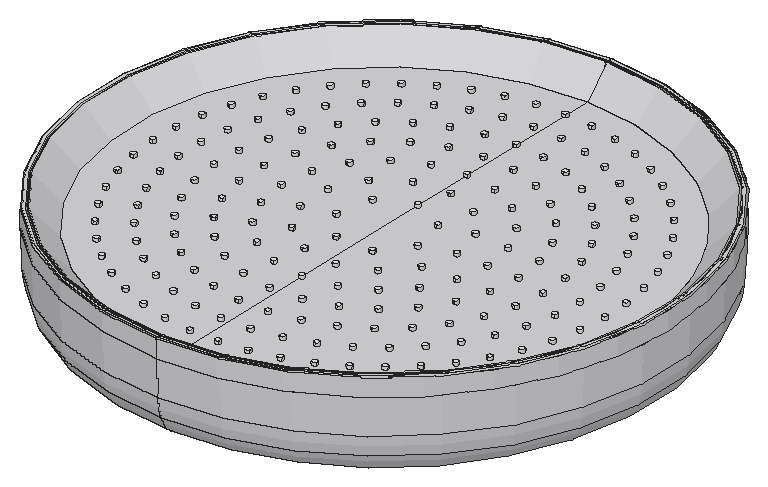
Revit family "Shower-Rainhead-KOHLER-26292W_1", category Plumbing Fixtures, host Face, Revit 2017
Family settings
  Host = Face
  Round Connector Dimension = Use Diameter
  Part Type = Normal
  OmniClass Number = 23.31.17.00
  OmniClass Title = Showers
  Cut with Voids When Loaded = No
  Shared = No
  Room Calculation Point = No
Parameters (values of type "CP-Polished Chrome")
  Width = 13 115/128"  # constant formula
  WaterSense Certified = 1 = 0  # no
  Waste Water Outlet = "Waste Water Outlet"  # constant formula
  Waste Connection = 1 = 0  # no
  Vent Connection = 1 = 0  # no
  URL = "https://www.kohler.co.uk/"
  Type = 1
  Product Page URL = ""
  Product Name = ""
  Product Documentation Link = ""
  Pressure = 0.00 psi
  Model = if(Type = 1, "26292W-CP", if(Type = 2, "26292W-BN", if(Type = 3, "26292W-BL", if(Type = 4, "26292W-2MB", "NA"))))  # "26292W-CP"
  Material = "Brass Construction"  # constant formula
  Master Format 2014 Name = "Residential Showers"  # constant formula
  Master Format 2014 = "22 42 23"  # constant formula
  Manufacturer Address = "Cromwell Road, Cheltenham, Gloucestershire. GL52 5EP Registered in England No. 252115"  # constant formula
  Manufacturer = "KOHLER Co."  # constant formula
  Length = 13 115/128"  # constant formula
  Hot Water Inlet = "Tempered Water Inlet"  # constant formula
  Height = 3 31/32"  # constant formula
  HW Connection = 1 = 1  # yes
  Flow Rate = 2.5 GPM  # constant formula
  Finish = Kohler-Metal-CP-Polished_Chrome
  Environmental Product Declaration = ""
  Drain Included = 1 = 0  # no
  Description = "1F MEDIUM ROUND RAINHEAD - 2.5 GPM"  # constant formula
  Default Elevation = 0"
  Declare Label = ""
  Date Modified = "02/02/2021"  # constant formula
  Date Created = "02/02/2021"  # constant formula
  Copyright = "Copyright KOHLER Co."  # constant formula
  Contact Us = "https://www.kohler.co.uk/support/contact/"
  Cold Water Inlet = "Cold Water Inlet"  # constant formula
  CW Connection = 1 = 0  # no
  Assembly Code = "D2010700"
  ADA Compliant = 1 = 0  # no
Types (5): name | Type | Model | Finish
  (no name) | 1 | "26292W-CP" | Kohler-Metal-CP-Polished_Chrome
  CP-Polished Chrome | 1 | "26292W-CP" | Kohler-Metal-CP-Polished_Chrome
  BN-Vibrant Brushed Nickel | 2 | "26292W-BN" | Kohler-Metal-BN-Vibrant_Brushed_Nickel
  BL-Matte Black | 3 | "26292W-BL" | Kohler-Metal-BL-Matte_Black
  2MB-Vibrant Brushed Moderne Brass | 4 | "26292W-2MB" | Kohler-Metal-2MB-Vibrant_Brushed_Moderne_Brass
Reference planes (in)
  plane 1 "Center (Front/Back)": y = 0
  plane 2: z = 0
  plane 3 "Center (Left/Right)": x = 0
  plane 4: y = 6.95
  plane 5: x = -6.95
  plane 6: x = 6.94844
  plane 7: z = 3.96875
  plane 8: z = 1.19
  plane 9: y = -6.94844
Dimensions and locks (in)
  "Height": plane 7 to level
  "Width": plane 5 to plane 6
  "Length": plane 4 to plane 9
  aligned and locked: plane 2 to host face
  aligned and locked: level to host face
Automatic sketch dimensions
  host sketch curve to host sketch curve = 96"  (x2)
Nested families (in)
  nested 1: "26292W" at (0, 0, 0), type "26292W"
Connectors (in)
  piping at (0, 0, 0), diameter 0.5, driven by "HW Connection", driven by "Hot Water Inlet", driven by "Flow Rate"
    settings: on nested 1, index 1, connector inside diameter 24", connector length 0", flow factor 0, pipe flow 2.5 GPM, pressure drop 0.00 psi, fitting loss kfactor 0, connector angle 0.00°, fixture units 0, engagement length 0", angle of deflection 0.00°, flow configuration 1, flow direction 1, fitting loss method 0, system type 19, joint type 0, gender type 0, connector reference index -1, connector utility 1, adjustable connector no, is connector primary yes, connector description "Tempered Water Inlet"
Definition of nested family "26292W"
  Parameters (values of type "26292W")
    Material = none
  Reference planes (in)
    plane 1 "Center (Front/Back)": y = 0
    plane 2: z = 0
    plane 3 "Center (Left/Right)": x = 0
    plane 4: x = -6.95
    plane 5: z = 3.97
    plane 6: z = 1.19
    plane 7: y = 6.95
    plane 8: x = 6.95
    plane 9: y = -6.95
    plane 10: z = 1.08228
  Forms (in)
    Revolve 1, solid, material <- "Material", detail levels medium+fine
      sketch origin (0, 0, 0) x (0, 1, 0) y (0, 0, 1)
        loop
          line (6.9281, 3.97) -> (6.8528, 3.97)
          arc (6.8528, 3.97) -> (6.83763, 3.96375) -> (6.83126, 3.94862) r 0.02155
          line (6.83126, 3.94862) -> (6.82967, 3.74213)
          arc (6.82967, 3.74213) -> (6.8221, 3.7815) -> (6.81956, 3.82151) r 0.31694
          line (6.81956, 3.82151) -> (6.81956, 3.95421)
          arc (6.81956, 3.95421) -> (6.81092, 3.96709) -> (6.79573, 3.96396) r 0.01391
          line (6.79573, 3.96396) -> (6.19738, 3.35453) -> (0, 3.35453) -> (0, 0) -> (0.47469, 0)
          arc (0.47469, 0) -> (0.48914, 0.00599) -> (0.49513, 0.02045) r 0.02045
          line (0.49513, 0.02045) -> (0.49513, 0.75101)
          arc (0.49513, 0.75101) -> (0.45634, 0.879) -> (0.35301, 0.96391) r 0.23052
          arc (0.35301, 0.96391) -> (0.31081, 1.0177) -> (0.33479, 1.08171) r 0.06978
          arc (0.33479, 1.08171) -> (0.44098, 1.20145) -> (0.50852, 1.34654) r 0.55414
          line (0.50852, 1.34654) -> (2.57513, 1.34654)
          arc (2.57513, 1.34654) -> (4.09102, 1.37419) -> (5.60489, 1.4571) r 41.56538
          arc (5.60489, 1.4571) -> (5.97056, 1.51447) -> (6.32179, 1.63124) r 2.24137
          arc (6.32179, 1.63124) -> (6.62545, 1.84229) -> (6.82058, 2.1564) r 0.91369
          arc (6.82058, 2.1564) -> (6.8901, 2.39883) -> (6.92366, 2.64879) r 1.73194
          arc (6.92366, 2.64879) -> (6.94341, 3.08298) -> (6.95, 3.51757) r 14.34154
          line (6.95, 3.51757) -> (6.95, 3.9481)
          arc (6.95, 3.9481) -> (6.94359, 3.96359) -> (6.9281, 3.97) r 0.0219
        axis (0, 3.97) -> (0, 0)
      angle from 0 to 360
    Extrusion 2, solid, material <- "Material", detail levels medium+fine
      sketch origin (0, 0, 0) x (1, 0, 0) y (0, 1, 0)
        loop
          circle (0, 0) r 0.5
        loop
          line (-0.35408, -0.85482) -> (0.35408, -0.85482) -> (0.85482, -0.35408) -> (0.85482, 0.35408) -> (0.35408, 0.85482) -> (-0.35408, 0.85482) -> (-0.85482, 0.35408) -> (-0.85482, -0.35408) -> (-0.35408, -0.85482)
      from 1.19 to 1.34654
    Sweep 3, solid, material <- "Material", detail levels medium+fine
      path origin (0, 0, 0) x (1, 0, 0) y (0, 1, 0)
        loop
          arc (0.8528, -0.37751) -> (0.8655, -0.3585) -> (0.86996, -0.33608) r 0.05859
          line (0.86996, -0.33608) -> (0.86996, 0.33608)
          arc (0.86996, 0.33608) -> (0.8655, 0.3585) -> (0.8528, 0.37751) r 0.05859
          line (0.8528, 0.37751) -> (0.37779, 0.85252)
          arc (0.37779, 0.85252) -> (0.35847, 0.86543) -> (0.33568, 0.86996) r 0.05955
          line (0.33568, 0.86996) -> (-0.33608, 0.86996)
          arc (-0.33608, 0.86996) -> (-0.3585, 0.8655) -> (-0.37751, 0.8528) r 0.05859
          line (-0.37751, 0.8528) -> (-0.8528, 0.37751)
          arc (-0.8528, 0.37751) -> (-0.8655, 0.3585) -> (-0.86996, 0.33608) r 0.05859
          line (-0.86996, 0.33608) -> (-0.86996, -0.33608)
          arc (-0.86996, -0.33608) -> (-0.8655, -0.3585) -> (-0.8528, -0.37751) r 0.05859
          line (-0.8528, -0.37751) -> (-0.37751, -0.8528)
          arc (-0.37751, -0.8528) -> (-0.3585, -0.8655) -> (-0.33608, -0.86996) r 0.05859
          line (-0.33608, -0.86996) -> (0.33608, -0.86996)
          arc (0.33608, -0.86996) -> (0.3585, -0.8655) -> (0.37751, -0.8528) r 0.05859
          line (0.37751, -0.8528) -> (0.8528, -0.37751)
      profile origin (0.61515, -0.61515, 0) x (0.707107, -0.707107, 0) y (0, 0, 1)
        loop
          line (-0.03076, 1.34654) -> (-0.03076, 1.19) -> (0.00031, 1.19)
          arc (0.00031, 1.19) -> (0.02793, 1.20144) -> (0.03937, 1.22906) r 0.03906
          line (0.03937, 1.22906) -> (0.03937, 1.3076)
          arc (0.03937, 1.3076) -> (0.02797, 1.33513) -> (0.00043, 1.34654) r 0.03894
          line (0.00043, 1.34654) -> (-0.03076, 1.34654)
    Extrusion 4, void
      sketch origin (0, 0, 0) x (1, 0, 0) y (0, 0, 1)
        loop
          line (-0.45475, 0.18235) -> (-0.45475, 0.92904) -> (-0.52139, 0.92904) -> (-0.52139, 0.09882) -> (-0.4667, 0.1535)
          arc (-0.4667, 0.1535) -> (-0.45786, 0.16674) -> (-0.45475, 0.18235) r 0.0408
        loop
          arc (0.45475, 0.18235) -> (0.45786, 0.16674) -> (0.4667, 0.1535) r 0.0408
          line (0.4667, 0.1535) -> (0.52139, 0.09882) -> (0.52139, 0.92904) -> (0.45475, 0.92904) -> (0.45475, 0.18235)
      from -1 to 1
    Extrusion 5, solid, detail levels medium+fine
      sketch origin (0, 0, 0) x (1, 0, 0) y (0, 1, 0)
        loop
          circle (-0.44206, -0.91889) r 0.06311
        loop
          circle (-0.99404, -0.22731) r 0.06311
        loop
          circle (-0.79749, 0.63545) r 0.06311
        loop
          circle (0, 1.0197) r 0.06311
        loop
          circle (0.44206, -0.91889) r 0.06311
        loop
          circle (0.99404, -0.22731) r 0.06311
        loop
          circle (0.79749, 0.63545) r 0.06311
        loop
          circle (1.76861, 0) r 0.06311
        loop
          circle (2.51861, 0) r 0.06311
        loop
          circle (3.26861, 0) r 0.06311
        loop
          circle (1.56602, 0.82191) r 0.06311
        loop
          circle (1.00468, 1.45553) r 0.06311
        loop
          circle (0.21318, 1.75571) r 0.06311
        loop
          circle (-0.62716, 1.65368) r 0.06311
        loop
          circle (-1.32382, 1.1728) r 0.06311
        loop
          circle (-1.71721, 0.42326) r 0.06311
        loop
          circle (1.56602, -0.82191) r 0.06311
        loop
          circle (1.00468, -1.45553) r 0.06311
        loop
          circle (0.21318, -1.75571) r 0.06311
        loop
          circle (-0.62716, -1.65368) r 0.06311
        loop
          circle (-1.32382, -1.1728) r 0.06311
        loop
          circle (-1.71721, -0.42326) r 0.06311
        loop
          circle (2.39534, 0.77829) r 0.06311
        loop
          circle (2.03759, 1.4804) r 0.06311
        loop
          circle (1.4804, 2.03759) r 0.06311
        loop
          circle (0.77829, 2.39534) r 0.06311
        loop
          circle (0, 2.51861) r 0.06311
        loop
          circle (-2.51861, 0) r 0.06311
        loop
          circle (-2.39534, 0.77829) r 0.06311
        loop
          circle (-2.03759, 1.4804) r 0.06311
        loop
          circle (-1.4804, 2.03759) r 0.06311
        loop
          circle (-0.77829, 2.39534) r 0.06311
        loop
          circle (2.39534, -0.77829) r 0.06311
        loop
          circle (2.03759, -1.4804) r 0.06311
        loop
          circle (1.4804, -2.03759) r 0.06311
        loop
          circle (0.77829, -2.39534) r 0.06311
        loop
          circle (0, -2.51861) r 0.06311
        loop
          circle (-2.39534, -0.77829) r 0.06311
        loop
          circle (-2.03759, -1.4804) r 0.06311
        loop
          circle (-1.4804, -2.03759) r 0.06311
        loop
          circle (-0.77829, -2.39534) r 0.06311
        loop
          circle (3.1805, 0.75379) r 0.06311
        loop
          circle (2.92093, 1.46695) r 0.06311
        loop
          circle (2.5039, 2.10102) r 0.06311
        loop
          circle (1.95188, 2.62182) r 0.06311
        loop
          circle (1.29463, 3.00129) r 0.06311
        loop
          circle (0.56759, 3.21895) r 0.06311
        loop
          circle (-0.19005, 3.26308) r 0.06311
        loop
          circle (-0.93745, 3.13129) r 0.06311
        loop
          circle (-1.6343, 2.8307) r 0.06311
        loop
          circle (-2.24305, 2.3775) r 0.06311
        loop
          circle (-2.73088, 1.79613) r 0.06311
        loop
          circle (-3.07148, 1.11793) r 0.06311
        loop
          circle (-3.2465, 0.37946) r 0.06311
        loop
          circle (3.1805, -0.75379) r 0.06311
        loop
          circle (2.92093, -1.46695) r 0.06311
        loop
          circle (2.5039, -2.10102) r 0.06311
        loop
          circle (1.95188, -2.62182) r 0.06311
        loop
          circle (1.29463, -3.00129) r 0.06311
        loop
          circle (0.56759, -3.21895) r 0.06311
        loop
          circle (-0.19005, -3.26308) r 0.06311
        loop
          circle (-0.93745, -3.13129) r 0.06311
        loop
          circle (-1.6343, -2.8307) r 0.06311
        loop
          circle (-2.24305, -2.3775) r 0.06311
        loop
          circle (-2.73088, -1.79613) r 0.06311
        loop
          circle (-3.07148, -1.11793) r 0.06311
        loop
          circle (-3.2465, -0.37946) r 0.06311
        loop
          circle (0, 4.01861) r 0.06311
        loop
          circle (-0.71755, 3.95403) r 0.06311
        loop
          circle (-1.41204, 3.76236) r 0.06311
        loop
          circle (-2.06114, 3.44977) r 0.06311
        loop
          circle (-2.644, 3.0263) r 0.06311
        loop
          circle (-3.14187, 2.50556) r 0.06311
        loop
          circle (-3.53877, 1.90429) r 0.06311
        loop
          circle (-3.82192, 1.24182) r 0.06311
        loop
          circle (-3.98224, 0.53943) r 0.06311
        loop
          circle (-4.01456, -0.18029) r 0.06311
        loop
          circle (-3.91785, -0.89422) r 0.06311
        loop
          circle (-3.69522, -1.57941) r 0.06311
        loop
          circle (-3.35382, -2.21384) r 0.06311
        loop
          circle (-2.90463, -2.77711) r 0.06311
        loop
          circle (-2.36208, -3.25112) r 0.06311
        loop
          circle (-1.74361, -3.62064) r 0.06311
        loop
          circle (-1.0691, -3.87379) r 0.06311
        loop
          circle (-0.36023, -4.00243) r 0.06311
        loop
          circle (0.71755, 3.95403) r 0.06311
        loop
          circle (1.41204, 3.76236) r 0.06311
        loop
          circle (2.06114, 3.44977) r 0.06311
        loop
          circle (2.644, 3.0263) r 0.06311
        loop
          circle (3.14187, 2.50556) r 0.06311
        loop
          circle (3.53877, 1.90429) r 0.06311
        loop
          circle (3.82192, 1.24182) r 0.06311
        loop
          circle (3.98224, 0.53943) r 0.06311
        loop
          circle (4.01456, -0.18029) r 0.06311
        loop
          circle (3.91785, -0.89422) r 0.06311
        loop
          circle (3.69522, -1.57941) r 0.06311
        loop
          circle (3.35382, -2.21384) r 0.06311
        loop
          circle (2.90463, -2.77711) r 0.06311
        loop
          circle (2.36208, -3.25112) r 0.06311
        loop
          circle (1.74361, -3.62064) r 0.06311
        loop
          circle (1.0691, -3.87379) r 0.06311
        loop
          circle (0.36023, -4.00243) r 0.06311
        loop
          circle (4.76861, 0) r 0.06311
        loop
          circle (4.71779, 0.69431) r 0.06311
        loop
          circle (4.56642, 1.37383) r 0.06311
        loop
          circle (4.31773, 2.02407) r 0.06311
        loop
          circle (3.97701, 2.63116) r 0.06311
        loop
          circle (3.55152, 3.18218) r 0.06311
        loop
          circle (3.05035, 3.66538) r 0.06311
        loop
          circle (2.48416, 4.07045) r 0.06311
        loop
          circle (1.86502, 4.38877) r 0.06311
        loop
          circle (1.20614, 4.61355) r 0.06311
        loop
          circle (0.52155, 4.74) r 0.06311
        loop
          circle (-0.17416, 4.76542) r 0.06311
        loop
          circle (-0.86615, 4.68928) r 0.06311
        loop
          circle (-1.53969, 4.5132) r 0.06311
        loop
          circle (-2.18041, 4.24092) r 0.06311
        loop
          circle (-2.77466, 3.87826) r 0.06311
        loop
          circle (-3.30977, 3.43294) r 0.06311
        loop
          circle (-3.77433, 2.91445) r 0.06311
        loop
          circle (-4.15846, 2.33384) r 0.06311
        loop
          circle (-4.45395, 1.70349) r 0.06311
        loop
          circle (-4.65452, 1.03684) r 0.06311
        loop
          circle (-4.75588, 0.34809) r 0.06311
        loop
          circle (4.71779, -0.69431) r 0.06311
        loop
          circle (4.56642, -1.37383) r 0.06311
        loop
          circle (4.31773, -2.02407) r 0.06311
        loop
          circle (3.97701, -2.63116) r 0.06311
        loop
          circle (3.55152, -3.18218) r 0.06311
        loop
          circle (3.05035, -3.66538) r 0.06311
        loop
          circle (2.48416, -4.07045) r 0.06311
        loop
          circle (1.86502, -4.38877) r 0.06311
        loop
          circle (1.20614, -4.61355) r 0.06311
        loop
          circle (0.52155, -4.74) r 0.06311
        loop
          circle (-0.17416, -4.76542) r 0.06311
        loop
          circle (-0.86615, -4.68928) r 0.06311
        loop
          circle (-1.53969, -4.5132) r 0.06311
        loop
          circle (-2.18041, -4.24092) r 0.06311
        loop
          circle (-2.77466, -3.87826) r 0.06311
        loop
          circle (-3.30977, -3.43294) r 0.06311
        loop
          circle (-3.77433, -2.91445) r 0.06311
        loop
          circle (-4.15846, -2.33384) r 0.06311
        loop
          circle (-4.45395, -1.70349) r 0.06311
        loop
          circle (-4.65452, -1.03684) r 0.06311
        loop
          circle (-4.75588, -0.34809) r 0.06311
        loop
          circle (0, 5.51861) r 0.06311
        loop
          circle (1.34606, 5.35193) r 0.06311
        loop
          circle (0.67817, 5.47678) r 0.06311
        loop
          circle (2.61082, 4.86196) r 0.06311
        loop
          circle (1.99355, 5.14595) r 0.06311
        loop
          circle (3.71786, 4.0783) r 0.06311
        loop
          circle (3.18851, 4.50427) r 0.06311
        loop
          circle (4.60032, 3.04828) r 0.06311
        loop
          circle (4.19086, 3.59051) r 0.06311
        loop
          circle (5.2049, 1.83414) r 0.06311
        loop
          circle (4.94005, 2.45985) r 0.06311
        loop
          circle (5.49506, 0.50919) r 0.06311
        loop
          circle (5.39084, 1.18061) r 0.06311
        loop
          circle (5.4533, -0.84651) r 0.06311
        loop
          circle (5.51599, -0.16995) r 0.06311
        loop
          circle (5.08211, -2.15107) r 0.06311
        loop
          circle (5.30794, -1.51024) r 0.06311
        loop
          circle (4.40394, -3.3257) r 0.06311
        loop
          circle (4.77925, -2.7593) r 0.06311
        loop
          circle (3.45975, -4.29944) r 0.06311
        loop
          circle (3.96187, -3.84169) r 0.06311
        loop
          circle (2.30656, -5.01346) r 0.06311
        loop
          circle (2.90517, -4.69201) r 0.06311
        loop
          circle (1.01404, -5.42464) r 0.06311
        loop
          circle (1.67298, -5.25891) r 0.06311
        loop
          circle (0.33973, -5.50814) r 0.06311
        loop
          circle (-1.34606, 5.35193) r 0.06311
        loop
          circle (-0.67817, 5.47678) r 0.06311
        loop
          circle (-2.61082, 4.86196) r 0.06311
        loop
          circle (-1.99355, 5.14595) r 0.06311
        loop
          circle (-3.71786, 4.0783) r 0.06311
        loop
          circle (-3.18851, 4.50427) r 0.06311
        loop
          circle (-4.60032, 3.04828) r 0.06311
        loop
          circle (-4.19086, 3.59051) r 0.06311
        loop
          circle (-5.2049, 1.83414) r 0.06311
        loop
          circle (-4.94005, 2.45985) r 0.06311
        loop
          circle (-5.49506, 0.50919) r 0.06311
        loop
          circle (-5.39084, 1.18061) r 0.06311
        loop
          circle (-5.4533, -0.84651) r 0.06311
        loop
          circle (-5.51599, -0.16995) r 0.06311
        loop
          circle (-5.08211, -2.15107) r 0.06311
        loop
          circle (-5.30794, -1.51024) r 0.06311
        loop
          circle (-4.40394, -3.3257) r 0.06311
        loop
          circle (-4.77925, -2.7593) r 0.06311
        loop
          circle (-3.45975, -4.29944) r 0.06311
        loop
          circle (-3.96187, -3.84169) r 0.06311
        loop
          circle (-2.30656, -5.01346) r 0.06311
        loop
          circle (-2.90517, -4.69201) r 0.06311
        loop
          circle (-1.01404, -5.42464) r 0.06311
        loop
          circle (-1.67298, -5.25891) r 0.06311
        loop
          circle (-0.33973, -5.50814) r 0.06311
      from 3.14063 to 3.41016
    Revolve 6, solid, material <- "Material", detail levels coarse
      sketch origin (0, 0, 0) x (0, 1, 0) y (0, 0, 1)
        loop
          line (0, 3.35453) -> (0, 0) -> (0.49513, 0) -> (0.49513, 1.19) -> (0.90933, 1.19) -> (0.90933, 1.34654) -> (6.17793, 1.34654) -> (6.95, 2.11861) -> (6.95, 3.97) -> (6.80166, 3.97) -> (6.19738, 3.35453) -> (0, 3.35453)
        axis (0, 3.97) -> (0, 0)
      angle from 0 to 360
  Cuts and joins
    Extrusion 4 cuts Revolve 1
    joined: Extrusion 2, Sweep 3
  Lines and regions (in)
    Masking region 1
      outline origin (0, 0, 0) x (0, 1, 0) y (0, 0, 1)
        loop
          line (6.9281, 3.97) -> (-6.9281, 3.97)
          arc (-6.9281, 3.97) -> (-6.94359, 3.96359) -> (-6.95, 3.9481) r 0.0219
          line (-6.95, 3.9481) -> (-6.95, 3.51757)
          arc (-6.95, 3.51757) -> (-6.94341, 3.08298) -> (-6.92366, 2.64879) r 14.34154
          arc (-6.92366, 2.64879) -> (-6.8901, 2.39883) -> (-6.82058, 2.1564) r 1.73194
          arc (-6.82058, 2.1564) -> (-6.62545, 1.84229) -> (-6.32179, 1.63124) r 0.91369
          arc (-6.32179, 1.63124) -> (-5.97056, 1.51447) -> (-5.60489, 1.4571) r 2.24137
          arc (-5.60489, 1.4571) -> (-4.09102, 1.37419) -> (-2.57513, 1.34654) r 41.56538
          line (-2.57513, 1.34654) -> (-0.86977, 1.34654)
          arc (-0.86977, 1.34654) -> (-0.89774, 1.33495) -> (-0.90933, 1.30697) r 0.03956
          line (-0.90933, 1.30697) -> (-0.90933, 1.22728)
          arc (-0.90933, 1.22728) -> (-0.89841, 1.20092) -> (-0.87205, 1.19) r 0.03728
          line (-0.87205, 1.19) -> (-0.43326, 1.19)
          arc (-0.43326, 1.19) -> (-0.38762, 1.13259) -> (-0.33479, 1.08171) r 0.55414
          arc (-0.33479, 1.08171) -> (-0.31081, 1.0177) -> (-0.35301, 0.96391) r 0.06978
          arc (-0.35301, 0.96391) -> (-0.45634, 0.879) -> (-0.49513, 0.75101) r 0.23052
          line (-0.49513, 0.75101) -> (-0.49513, 0.02045)
          arc (-0.49513, 0.02045) -> (-0.48914, 0.00599) -> (-0.47469, 0) r 0.02045
          line (-0.47469, 0) -> (0.47469, 0)
          arc (0.47469, 0) -> (0.48914, 0.00599) -> (0.49513, 0.02045) r 0.02045
          line (0.49513, 0.02045) -> (0.49513, 0.75101)
          arc (0.49513, 0.75101) -> (0.45634, 0.879) -> (0.35301, 0.96391) r 0.23052
          arc (0.35301, 0.96391) -> (0.31081, 1.0177) -> (0.33479, 1.08171) r 0.06978
          arc (0.33479, 1.08171) -> (0.38762, 1.13259) -> (0.43326, 1.19) r 0.55414
          line (0.43326, 1.19) -> (0.87205, 1.19)
          arc (0.87205, 1.19) -> (0.89841, 1.20092) -> (0.90933, 1.22728) r 0.03728
          line (0.90933, 1.22728) -> (0.90933, 1.30697)
          arc (0.90933, 1.30697) -> (0.89774, 1.33495) -> (0.86977, 1.34654) r 0.03956
          line (0.86977, 1.34654) -> (2.57513, 1.34654)
          arc (2.57513, 1.34654) -> (4.09102, 1.37419) -> (5.60489, 1.4571) r 41.56538
          arc (5.60489, 1.4571) -> (5.97056, 1.51447) -> (6.32179, 1.63124) r 2.24137
          arc (6.32179, 1.63124) -> (6.62545, 1.84229) -> (6.82058, 2.1564) r 0.91369
          arc (6.82058, 2.1564) -> (6.8901, 2.39883) -> (6.92366, 2.64879) r 1.73194
          arc (6.92366, 2.64879) -> (6.94341, 3.08298) -> (6.95, 3.51757) r 14.34154
          line (6.95, 3.51757) -> (6.95, 3.9481)
          arc (6.95, 3.9481) -> (6.94359, 3.96359) -> (6.9281, 3.97) r 0.0219
    Masking region 2
      outline origin (0, 0, 0) x (1, 0, 0) y (0, 0, 1)
        loop
          arc (-6.9281, 3.97) -> (-6.94359, 3.96359) -> (-6.95, 3.9481) r 0.0219
          line (-6.95, 3.9481) -> (-6.95, 3.51757)
          arc (-6.95, 3.51757) -> (-6.94341, 3.08298) -> (-6.92366, 2.64879) r 14.34154
          arc (-6.92366, 2.64879) -> (-6.8901, 2.39883) -> (-6.82058, 2.1564) r 1.73194
          arc (-6.82058, 2.1564) -> (-6.62545, 1.84229) -> (-6.32179, 1.63124) r 0.91369
          arc (-6.32179, 1.63124) -> (-5.97056, 1.51447) -> (-5.60489, 1.4571) r 2.24137
          arc (-5.60489, 1.4571) -> (-4.09102, 1.37419) -> (-2.57513, 1.34654) r 41.56538
          line (-2.57513, 1.34654) -> (-0.86977, 1.34654)
          arc (-0.86977, 1.34654) -> (-0.89774, 1.33495) -> (-0.90933, 1.30697) r 0.03956
          line (-0.90933, 1.30697) -> (-0.90933, 1.22728)
          arc (-0.90933, 1.22728) -> (-0.89841, 1.20092) -> (-0.87205, 1.19) r 0.03728
          line (-0.87205, 1.19) -> (-0.43326, 1.19)
          arc (-0.43326, 1.19) -> (-0.38762, 1.13259) -> (-0.33479, 1.08171) r 0.55414
          arc (-0.33479, 1.08171) -> (-0.31081, 1.0177) -> (-0.35301, 0.96391) r 0.06978
          arc (-0.35301, 0.96391) -> (-0.40987, 0.93001) -> (-0.45475, 0.88135) r 0.23052
          line (-0.45475, 0.88135) -> (-0.45475, 0.18235)
          arc (-0.45475, 0.18235) -> (-0.45786, 0.16674) -> (-0.4667, 0.1535) r 0.0408
          line (-0.4667, 0.1535) -> (-0.49513, 0.12507) -> (-0.49513, 0.02045)
          arc (-0.49513, 0.02045) -> (-0.48914, 0.00599) -> (-0.47469, 0) r 0.02045
          line (-0.47469, 0) -> (0.47469, 0)
          arc (0.47469, 0) -> (0.48914, 0.00599) -> (0.49513, 0.02045) r 0.02045
          line (0.49513, 0.02045) -> (0.49513, 0.12507) -> (0.4667, 0.1535)
          arc (0.4667, 0.1535) -> (0.45786, 0.16674) -> (0.45475, 0.18235) r 0.0408
          line (0.45475, 0.18235) -> (0.45475, 0.88135)
          arc (0.45475, 0.88135) -> (0.40987, 0.93001) -> (0.35301, 0.96391) r 0.23052
          arc (0.35301, 0.96391) -> (0.31081, 1.0177) -> (0.33479, 1.08171) r 0.06978
          arc (0.33479, 1.08171) -> (0.38762, 1.13259) -> (0.43326, 1.19) r 0.55414
          line (0.43326, 1.19) -> (0.87205, 1.19)
          arc (0.87205, 1.19) -> (0.89841, 1.20092) -> (0.90933, 1.22728) r 0.03728
          line (0.90933, 1.22728) -> (0.90933, 1.30697)
          arc (0.90933, 1.30697) -> (0.89774, 1.33495) -> (0.86977, 1.34654) r 0.03956
          line (0.86977, 1.34654) -> (2.57513, 1.34654)
          arc (2.57513, 1.34654) -> (4.09102, 1.37419) -> (5.60489, 1.4571) r 41.56538
          arc (5.60489, 1.4571) -> (5.97056, 1.51447) -> (6.32179, 1.63124) r 2.24137
          arc (6.32179, 1.63124) -> (6.62545, 1.84229) -> (6.82058, 2.1564) r 0.91369
          arc (6.82058, 2.1564) -> (6.8901, 2.39883) -> (6.92366, 2.64879) r 1.73194
          arc (6.92366, 2.64879) -> (6.94341, 3.08298) -> (6.95, 3.51757) r 14.34154
          line (6.95, 3.51757) -> (6.95, 3.9481)
          arc (6.95, 3.9481) -> (6.94359, 3.96359) -> (6.9281, 3.97) r 0.0219
          line (6.9281, 3.97) -> (-6.9281, 3.97)
    Masking region 3
      outline origin (0, 0, 0) x (1, 0, 0) y (0, 1, 0)
        loop
          circle (0, 0) r 7
    symbolic lines, detail levels medium+fine
      curve 1: line (-0.86977, 0, 1.34654) -> (0.86977, 0, 1.34654)
      curve 2: line (-0.43326, 0, 1.19) -> (0.43326, 0, 1.19)
      curve 3: line (-0.49513, 0, 0.02045) -> (0.49513, 0, 0.02045)
      curve 4: line (-0.45475, 0, 0.75101) -> (0.45475, 0, 0.75101)
      curve 5: line (0.35413, 0, 0.96346) -> (-0.35413, 0, 0.96346)
      curve 6: line (0.33546, 0, 1.08228) -> (-0.33546, 0, 1.08228)
      curve 7: line (-0.8805, 0, 1.22843) -> (-0.8805, 0, 1.30717)
      curve 8: line (-0.40548, 0, 1.22843) -> (-0.40548, 0, 1.30717)
      curve 9: line (-0.33589, 0, 1.34654) -> (-0.33589, 0, 1.19)
      curve 10: arc (-0.8805, 0, 1.30717) -> (-0.87952, 0, 1.31769) -> (-0.87661, 0, 1.32786) r 0.05701
      curve 11: arc (-0.87661, 0, 1.32786) -> (-0.86721, 0, 1.34049) -> (-0.85266, 0, 1.34654) r 0.02968
      curve 12: arc (-0.8805, 0, 1.22843) -> (-0.87952, 0, 1.2179) -> (-0.87661, 0, 1.20773) r 0.05701
      curve 13: arc (-0.87661, 0, 1.20773) -> (-0.86899, 0, 1.1966) -> (-0.85723, 0, 1.19) r 0.02968
      curve 14: arc (-0.40548, 0, 1.30717) -> (-0.4045, 0, 1.31769) -> (-0.4016, 0, 1.32786) r 0.05701
      curve 15: arc (-0.4016, 0, 1.32786) -> (-0.39219, 0, 1.34049) -> (-0.37765, 0, 1.34654) r 0.02968
      curve 16: arc (-0.40548, 0, 1.22843) -> (-0.4045, 0, 1.2179) -> (-0.4016, 0, 1.20773) r 0.05701
      curve 17: arc (-0.4016, 0, 1.20773) -> (-0.39397, 0, 1.1966) -> (-0.38222, 0, 1.19) r 0.02968
      curve 18: line (0.8805, 0, 1.22709) -> (0.8805, 0, 1.30717)
      curve 19: line (0.40548, 0, 1.22843) -> (0.40548, 0, 1.30717)
      curve 20: line (0.33589, 0, 1.34654) -> (0.33589, 0, 1.19)
      curve 21: arc (0.87661, 0, 1.32786) -> (0.86721, 0, 1.34049) -> (0.85266, 0, 1.34654) r 0.02968
      curve 22: arc (0.4016, 0, 1.32786) -> (0.39219, 0, 1.34049) -> (0.37765, 0, 1.34654) r 0.02968
      curve 23: arc (0.4016, 0, 1.20773) -> (0.39397, 0, 1.1966) -> (0.38222, 0, 1.19) r 0.02968
      curve 24: arc (0.40548, 0, 1.30717) -> (0.4045, 0, 1.31769) -> (0.4016, 0, 1.32786) r 0.05701
      curve 25: arc (0.4016, 0, 1.20773) -> (0.4045, 0, 1.2179) -> (0.40548, 0, 1.22843) r 0.05701
      curve 26: arc (0.8805, 0, 1.30717) -> (0.87952, 0, 1.31769) -> (0.87661, 0, 1.32786) r 0.05701
      curve 27: arc (0.87661, 0, 1.2064) -> (0.87039, 0, 1.19664) -> (0.8609, 0, 1.19) r 0.02968
      curve 28: arc (0.8805, 0, 1.22709) -> (0.87952, 0, 1.21656) -> (0.87661, 0, 1.2064) r 0.05701
      curve 29: line (-0.90933, 0, 1.30697) -> (0.90933, 0, 1.30697)
      curve 30: line (-0.90933, 0, 1.22728) -> (0.90933, 0, 1.22728)
      curve 31: line (0, 0.86977, 1.34654) -> (0, -0.86977, 1.34654)
      curve 32: line (0, -0.90933, 1.30697) -> (0, 0.90933, 1.30697)
      curve 33: line (0, 0.90933, 1.22728) -> (0, -0.90933, 1.22728)
      curve 34: line (0, 0.43326, 1.19) -> (0, -0.43326, 1.19)
      curve 35: line (0, 0.35301, 0.96391) -> (0, -0.35301, 0.96391)
      curve 36: line (0, 0.49513, 0.75101) -> (0, 0.19585, 0.75101)
      curve 37: line (0, 0.49513, 0.02045) -> (0, -0.49513, 0.02045)
      curve 38: line (0, 0.8805, 1.22843) -> (0, 0.8805, 1.30717)
      curve 39: line (0, 0.40548, 1.22843) -> (0, 0.40548, 1.30717)
      curve 40: line (0, 0.33589, 1.19) -> (0, 0.33589, 1.34654)
      curve 41: arc (0, 0.8805, 1.30717) -> (0, 0.8787, 1.32099) -> (0, 0.87341, 1.3339) r 0.05392
      curve 42: arc (0, 0.87341, 1.3339) -> (0, 0.86501, 1.34269) -> (0, 0.85348, 1.34654) r 0.02521
      curve 43: arc (0, 0.87557, 1.2067) -> (0, 0.87925, 1.21728) -> (0, 0.8805, 1.22843) r 0.05029
      curve 44: arc (0, 0.86053, 1.19) -> (0, 0.86925, 1.19726) -> (0, 0.87557, 1.2067) r 0.03978
      curve 45: arc (0, 0.40548, 1.30717) -> (0, 0.40394, 1.3199) -> (0, 0.39938, 1.33189) r 0.05317
      curve 46: arc (0, 0.39938, 1.33189) -> (0, 0.39036, 1.34196) -> (0, 0.37765, 1.34654) r 0.02762
      curve 47: arc (0, 0.39977, 1.20441) -> (0, 0.40404, 1.21608) -> (0, 0.40548, 1.22843) r 0.0533
      curve 48: arc (0, 0.38398, 1.19) -> (0, 0.3932, 1.19575) -> (0, 0.39977, 1.20441) r 0.03005
      curve 49: line (0, -0.33589, 1.19) -> (0, -0.33589, 1.34654)
      curve 50: line (0, -0.40548, 1.22843) -> (0, -0.40548, 1.30717)
      curve 51: line (0, -0.8805, 1.22843) -> (0, -0.8805, 1.30717)
      curve 52: arc (0, -0.40548, 1.30717) -> (0, -0.40379, 1.32059) -> (0, -0.39881, 1.33318) r 0.05404
      curve 53: arc (0, -0.39881, 1.33318) -> (0, -0.3903, 1.34239) -> (0, -0.37847, 1.34654) r 0.02598
      curve 54: arc (0, -0.39848, 1.20306) -> (0, -0.4037, 1.21527) -> (0, -0.40548, 1.22843) r 0.04945
      curve 55: arc (0, -0.38197, 1.19) -> (0, -0.39143, 1.19501) -> (0, -0.39848, 1.20306) r 0.02964
      curve 56: arc (0, -0.8805, 1.30717) -> (0, -0.87904, 1.31976) -> (0, -0.87472, 1.33168) r 0.05483
      curve 57: arc (0, -0.87472, 1.33168) -> (0, -0.86564, 1.34201) -> (0, -0.85266, 1.34654) r 0.02702
      curve 58: arc (0, -0.87421, 1.20402) -> (0, -0.8789, 1.21582) -> (0, -0.8805, 1.22843) r 0.05045
      curve 59: arc (0, -0.85926, 1.19) -> (0, -0.86784, 1.19583) -> (0, -0.87421, 1.20402) r 0.03332
      curve 60: line (0, 0.19585, 0.18177) -> (0, 0.19585, 0.75101)
      curve 61: line (0, -0.19585, 0.75101) -> (0, -0.19585, 0.1818)
      curve 62: spline (0, 0.16686, 0.15407) -> (0, 0.17022, 0.15487) -> (0, 0.1735, 0.156) -> (0, 0.17665, 0.15745) -> (0, 0.17966, 0.15919) -> (0, 0.18251, 0.16123) -> (0, 0.18515, 0.16353) -> (0, 0.18758, 0.16608) -> (0, 0.18978, 0.16886) -> (0, 0.19172, 0.17185) -> (0, 0.19338, 0.17501) -> (0, 0.19477, 0.17833) -> (0, 0.19585, 0.18177)
      curve 63: spline (0, -0.16688, 0.15407) -> (0, -0.14073, 0.14536) -> (0, -0.11369, 0.13816) -> (0, -0.08591, 0.1325) -> (0, -0.05758, 0.12844) -> (0, -0.02889, 0.12599) -> (0, -0.00001, 0.12517) -> (0, 0.02887, 0.12599) -> (0, 0.05756, 0.12844) -> (0, 0.08589, 0.1325) -> (0, 0.11367, 0.13815) -> (0, 0.14071, 0.14536) -> (0, 0.16686, 0.15407)
      curve 64: spline (0, -0.19585, 0.1818) -> (0, -0.19473, 0.17835) -> (0, -0.19332, 0.17503) -> (0, -0.19163, 0.17186) -> (0, -0.18968, 0.16887) -> (0, -0.18747, 0.16609) -> (0, -0.18504, 0.16354) -> (0, -0.1824, 0.16123) -> (0, -0.17957, 0.1592) -> (0, -0.17657, 0.15745) -> (0, -0.17344, 0.15601) -> (0, -0.1702, 0.15488) -> (0, -0.16688, 0.15407)
      curve 65: line (0, 0.19585, 0.75101) -> (0, -0.19585, 0.75101)
      curve 66: line (0, -0.19585, 0.75101) -> (0, -0.49513, 0.75101)
      curve 67: circle (0, 0, 0) r 6.19738 normal (0, 0, 1)
      curve 68: circle (0, 0, 0) r 6.81843 normal (0, 0, 1)
      curve 69: circle (0.67817, 5.47678, 0) r 0.06311 normal (0, 0, 1)
      curve 70: circle (-0.33973, -5.50814, 0) r 0.06311 normal (0, 0, 1)
      curve 71: circle (1.34606, 5.35193, 0) r 0.06311 normal (0, 0, 1)
      curve 72: circle (1.99355, 5.14595, 0) r 0.06311 normal (0, 0, 1)
      curve 73: circle (2.61082, 4.86196, 0) r 0.06311 normal (0, 0, 1)
      curve 74: circle (3.18851, 4.50427, 0) r 0.06311 normal (0, 0, 1)
      curve 75: circle (3.71786, 4.0783, 0) r 0.06311 normal (0, 0, 1)
      curve 76: circle (4.19086, 3.59051, 0) r 0.06311 normal (0, 0, 1)
      curve 77: circle (4.60032, 3.04828, 0) r 0.06311 normal (0, 0, 1)
      curve 78: circle (4.94005, 2.45985, 0) r 0.06311 normal (0, 0, 1)
      curve 79: circle (5.2049, 1.83414, 0) r 0.06311 normal (0, 0, 1)
      curve 80: circle (5.39084, 1.18061, 0) r 0.06311 normal (0, 0, 1)
      curve 81: circle (5.49506, 0.50919, 0) r 0.06311 normal (0, 0, 1)
      curve 82: circle (5.51599, -0.16995, 0) r 0.06311 normal (0, 0, 1)
      curve 83: circle (5.4533, -0.84651, 0) r 0.06311 normal (0, 0, 1)
      curve 84: circle (5.30794, -1.51024, 0) r 0.06311 normal (0, 0, 1)
      curve 85: circle (5.08211, -2.15107, 0) r 0.06311 normal (0, 0, 1)
      curve 86: circle (4.77925, -2.7593, 0) r 0.06311 normal (0, 0, 1)
      curve 87: circle (4.40394, -3.3257, 0) r 0.06311 normal (0, 0, 1)
      curve 88: circle (3.96187, -3.84169, 0) r 0.06311 normal (0, 0, 1)
      curve 89: circle (3.45975, -4.29944, 0) r 0.06311 normal (0, 0, 1)
      curve 90: circle (2.90517, -4.69201, 0) r 0.06311 normal (0, 0, 1)
      curve 91: circle (2.30656, -5.01346, 0) r 0.06311 normal (0, 0, 1)
      curve 92: circle (1.67298, -5.25891, 0) r 0.06311 normal (0, 0, 1)
      curve 93: circle (1.01404, -5.42464, 0) r 0.06311 normal (0, 0, 1)
      curve 94: circle (0.33973, -5.50814, 0) r 0.06311 normal (0, 0, 1)
      curve 95: circle (-0.67817, 5.47678, 0) r 0.06311 normal (0, 0, -1)
      curve 96: circle (-1.34606, 5.35193, 0) r 0.06311 normal (0, 0, -1)
      curve 97: circle (-1.99355, 5.14595, 0) r 0.06311 normal (0, 0, -1)
      curve 98: circle (-2.61082, 4.86196, 0) r 0.06311 normal (0, 0, -1)
      curve 99: circle (-3.18851, 4.50427, 0) r 0.06311 normal (0, 0, -1)
      curve 100: circle (-3.71786, 4.0783, 0) r 0.06311 normal (0, 0, -1)
      curve 101: circle (-4.19086, 3.59051, 0) r 0.06311 normal (0, 0, -1)
      curve 102: circle (-4.60032, 3.04828, 0) r 0.06311 normal (0, 0, -1)
      curve 103: circle (-4.94005, 2.45985, 0) r 0.06311 normal (0, 0, -1)
      curve 104: circle (-5.2049, 1.83414, 0) r 0.06311 normal (0, 0, -1)
      curve 105: circle (-5.39084, 1.18061, 0) r 0.06311 normal (0, 0, -1)
      curve 106: circle (-5.49506, 0.50919, 0) r 0.06311 normal (0, 0, -1)
      curve 107: circle (-5.51599, -0.16995, 0) r 0.06311 normal (0, 0, -1)
      curve 108: circle (-5.4533, -0.84651, 0) r 0.06311 normal (0, 0, -1)
      curve 109: circle (-5.30794, -1.51024, 0) r 0.06311 normal (0, 0, -1)
      curve 110: circle (-5.08211, -2.15107, 0) r 0.06311 normal (0, 0, -1)
      curve 111: circle (-4.77925, -2.7593, 0) r 0.06311 normal (0, 0, -1)
      curve 112: circle (-4.40394, -3.3257, 0) r 0.06311 normal (0, 0, -1)
      curve 113: circle (-3.96187, -3.84169, 0) r 0.06311 normal (0, 0, -1)
      curve 114: circle (-3.45975, -4.29944, 0) r 0.06311 normal (0, 0, -1)
      curve 115: circle (-2.90517, -4.69201, 0) r 0.06311 normal (0, 0, -1)
      curve 116: circle (-2.30656, -5.01346, 0) r 0.06311 normal (0, 0, -1)
      curve 117: circle (-1.67298, -5.25891, 0) r 0.06311 normal (0, 0, -1)
      curve 118: circle (-1.01404, -5.42464, 0) r 0.06311 normal (0, 0, -1)
      curve 119: circle (0, 5.51861, 0) r 0.06311 normal (0, 0, 1)
      curve 120: circle (4.76861, 0, 0) r 0.06311 normal (0, 0, 1)
      curve 121: circle (-4.75588, 0.34809, 0) r 0.06311 normal (0, 0, 1)
      curve 122: circle (4.71779, 0.69431, 0) r 0.06311 normal (0, 0, 1)
      curve 123: circle (4.56642, 1.37383, 0) r 0.06311 normal (0, 0, 1)
      curve 124: circle (4.31773, 2.02407, 0) r 0.06311 normal (0, 0, 1)
      curve 125: circle (3.97701, 2.63116, 0) r 0.06311 normal (0, 0, 1)
      curve 126: circle (3.55152, 3.18218, 0) r 0.06311 normal (0, 0, 1)
      curve 127: circle (3.05035, 3.66538, 0) r 0.06311 normal (0, 0, 1)
      curve 128: circle (2.48416, 4.07045, 0) r 0.06311 normal (0, 0, 1)
      curve 129: circle (1.86502, 4.38877, 0) r 0.06311 normal (0, 0, 1)
      curve 130: circle (1.20614, 4.61355, 0) r 0.06311 normal (0, 0, 1)
      curve 131: circle (0.52155, 4.74, 0) r 0.06311 normal (0, 0, 1)
      curve 132: circle (-0.17416, 4.76542, 0) r 0.06311 normal (0, 0, 1)
      curve 133: circle (-0.86615, 4.68928, 0) r 0.06311 normal (0, 0, 1)
      curve 134: circle (-1.53969, 4.5132, 0) r 0.06311 normal (0, 0, 1)
      curve 135: circle (-2.18041, 4.24092, 0) r 0.06311 normal (0, 0, 1)
      curve 136: circle (-2.77466, 3.87826, 0) r 0.06311 normal (0, 0, 1)
      curve 137: circle (-3.30977, 3.43294, 0) r 0.06311 normal (0, 0, 1)
      curve 138: circle (-3.77433, 2.91445, 0) r 0.06311 normal (0, 0, 1)
      curve 139: circle (-4.15846, 2.33384, 0) r 0.06311 normal (0, 0, 1)
      curve 140: circle (-4.45395, 1.70349, 0) r 0.06311 normal (0, 0, 1)
      curve 141: circle (-4.65452, 1.03684, 0) r 0.06311 normal (0, 0, 1)
      curve 142: circle (-4.75588, -0.34809, 0) r 0.06311 normal (0, 0, -1)
      curve 143: circle (4.71779, -0.69431, 0) r 0.06311 normal (0, 0, -1)
      curve 144: circle (4.56642, -1.37383, 0) r 0.06311 normal (0, 0, -1)
      curve 145: circle (4.31773, -2.02407, 0) r 0.06311 normal (0, 0, -1)
      curve 146: circle (3.97701, -2.63116, 0) r 0.06311 normal (0, 0, -1)
      curve 147: circle (3.55152, -3.18218, 0) r 0.06311 normal (0, 0, -1)
      curve 148: circle (3.05035, -3.66538, 0) r 0.06311 normal (0, 0, -1)
      curve 149: circle (2.48416, -4.07045, 0) r 0.06311 normal (0, 0, -1)
      curve 150: circle (1.86502, -4.38877, 0) r 0.06311 normal (0, 0, -1)
      curve 151: circle (1.20614, -4.61355, 0) r 0.06311 normal (0, 0, -1)
      curve 152: circle (0.52155, -4.74, 0) r 0.06311 normal (0, 0, -1)
      curve 153: circle (-0.17416, -4.76542, 0) r 0.06311 normal (0, 0, -1)
      curve 154: circle (-0.86615, -4.68928, 0) r 0.06311 normal (0, 0, -1)
      curve 155: circle (-1.53969, -4.5132, 0) r 0.06311 normal (0, 0, -1)
      curve 156: circle (-2.18041, -4.24092, 0) r 0.06311 normal (0, 0, -1)
      curve 157: circle (-2.77466, -3.87826, 0) r 0.06311 normal (0, 0, -1)
      curve 158: circle (-3.30977, -3.43294, 0) r 0.06311 normal (0, 0, -1)
      curve 159: circle (-3.77433, -2.91445, 0) r 0.06311 normal (0, 0, -1)
      curve 160: circle (-4.15846, -2.33384, 0) r 0.06311 normal (0, 0, -1)
      curve 161: circle (-4.45395, -1.70349, 0) r 0.06311 normal (0, 0, -1)
      curve 162: circle (-4.65452, -1.03684, 0) r 0.06311 normal (0, 0, -1)
      curve 163: circle (0, 4.01861, 0) r 0.06311 normal (0, 0, 1)
      curve 164: circle (-0.36023, -4.00243, 0) r 0.06311 normal (0, 0, 1)
      curve 165: circle (-0.71755, 3.95403, 0) r 0.06311 normal (0, 0, 1)
      curve 166: circle (-1.41204, 3.76236, 0) r 0.06311 normal (0, 0, 1)
      curve 167: circle (-2.06114, 3.44977, 0) r 0.06311 normal (0, 0, 1)
      curve 168: circle (-2.644, 3.0263, 0) r 0.06311 normal (0, 0, 1)
      curve 169: circle (-3.14187, 2.50556, 0) r 0.06311 normal (0, 0, 1)
      curve 170: circle (-3.53877, 1.90429, 0) r 0.06311 normal (0, 0, 1)
      curve 171: circle (-3.82192, 1.24182, 0) r 0.06311 normal (0, 0, 1)
      curve 172: circle (-3.98224, 0.53943, 0) r 0.06311 normal (0, 0, 1)
      curve 173: circle (-4.01456, -0.18029, 0) r 0.06311 normal (0, 0, 1)
      curve 174: circle (-3.91785, -0.89422, 0) r 0.06311 normal (0, 0, 1)
      curve 175: circle (-3.69522, -1.57941, 0) r 0.06311 normal (0, 0, 1)
      curve 176: circle (-3.35382, -2.21384, 0) r 0.06311 normal (0, 0, 1)
      curve 177: circle (-2.90463, -2.77711, 0) r 0.06311 normal (0, 0, 1)
      curve 178: circle (-2.36208, -3.25112, 0) r 0.06311 normal (0, 0, 1)
      curve 179: circle (-1.74361, -3.62064, 0) r 0.06311 normal (0, 0, 1)
      curve 180: circle (-1.0691, -3.87379, 0) r 0.06311 normal (0, 0, 1)
      curve 181: circle (0.36023, -4.00243, 0) r 0.06311 normal (0, 0, -1)
      curve 182: circle (0.71755, 3.95403, 0) r 0.06311 normal (0, 0, -1)
      curve 183: circle (1.41204, 3.76236, 0) r 0.06311 normal (0, 0, -1)
      curve 184: circle (2.06114, 3.44977, 0) r 0.06311 normal (0, 0, -1)
      curve 185: circle (2.644, 3.0263, 0) r 0.06311 normal (0, 0, -1)
      curve 186: circle (3.14187, 2.50556, 0) r 0.06311 normal (0, 0, -1)
      curve 187: circle (3.53877, 1.90429, 0) r 0.06311 normal (0, 0, -1)
      curve 188: circle (3.82192, 1.24182, 0) r 0.06311 normal (0, 0, -1)
      curve 189: circle (3.98224, 0.53943, 0) r 0.06311 normal (0, 0, -1)
      curve 190: circle (4.01456, -0.18029, 0) r 0.06311 normal (0, 0, -1)
      curve 191: circle (3.91785, -0.89422, 0) r 0.06311 normal (0, 0, -1)
      curve 192: circle (3.69522, -1.57941, 0) r 0.06311 normal (0, 0, -1)
      curve 193: circle (3.35382, -2.21384, 0) r 0.06311 normal (0, 0, -1)
      curve 194: circle (2.90463, -2.77711, 0) r 0.06311 normal (0, 0, -1)
      curve 195: circle (2.36208, -3.25112, 0) r 0.06311 normal (0, 0, -1)
      curve 196: circle (1.74361, -3.62064, 0) r 0.06311 normal (0, 0, -1)
      curve 197: circle (1.0691, -3.87379, 0) r 0.06311 normal (0, 0, -1)
      curve 198: circle (3.26861, 0, 0) r 0.06311 normal (0, 0, -1)
      curve 199: circle (2.51861, 0, 0) r 0.06311 normal (0, 0, -1)
      curve 200: circle (1.76861, 0, 0) r 0.06311 normal (0, 0, -1)
      curve 201: circle (0.99404, -0.22731, 0) r 0.06311 normal (0, 0, -1)
      curve 202: circle (0.79749, 0.63545, 0) r 0.06311 normal (0, 0, -1)
      curve 203: circle (0, 1.0197, 0) r 0.06311 normal (0, 0, -1)
      curve 204: circle (-0.79749, 0.63545, 0) r 0.06311 normal (0, 0, -1)
      curve 205: circle (-0.99404, -0.22731, 0) r 0.06311 normal (0, 0, -1)
      curve 206: circle (-0.44206, -0.91889, 0) r 0.06311 normal (0, 0, -1)
      curve 207: circle (0.44206, -0.91889, 0) r 0.06311 normal (0, 0, -1)
      curve 208: circle (-3.2465, 0.37946, 0) r 0.06311 normal (0, 0, -1)
      curve 209: circle (3.1805, 0.75379, 0) r 0.06311 normal (0, 0, -1)
      curve 210: circle (2.92093, 1.46695, 0) r 0.06311 normal (0, 0, -1)
      curve 211: circle (2.5039, 2.10102, 0) r 0.06311 normal (0, 0, -1)
      curve 212: circle (1.95188, 2.62182, 0) r 0.06311 normal (0, 0, -1)
      curve 213: circle (1.29463, 3.00129, 0) r 0.06311 normal (0, 0, -1)
      curve 214: circle (0.56759, 3.21895, 0) r 0.06311 normal (0, 0, -1)
      curve 215: circle (-0.19005, 3.26308, 0) r 0.06311 normal (0, 0, -1)
      curve 216: circle (-0.93745, 3.13129, 0) r 0.06311 normal (0, 0, -1)
      curve 217: circle (-1.6343, 2.8307, 0) r 0.06311 normal (0, 0, -1)
      curve 218: circle (-2.24305, 2.3775, 0) r 0.06311 normal (0, 0, -1)
      curve 219: circle (-2.73088, 1.79613, 0) r 0.06311 normal (0, 0, -1)
      curve 220: circle (-3.07148, 1.11793, 0) r 0.06311 normal (0, 0, -1)
      curve 221: circle (-3.2465, -0.37946, 0) r 0.06311 normal (0, 0, 1)
      curve 222: circle (3.1805, -0.75379, 0) r 0.06311 normal (0, 0, 1)
      curve 223: circle (2.92093, -1.46695, 0) r 0.06311 normal (0, 0, 1)
      curve 224: circle (2.5039, -2.10102, 0) r 0.06311 normal (0, 0, 1)
      curve 225: circle (1.95188, -2.62182, 0) r 0.06311 normal (0, 0, 1)
      curve 226: circle (1.29463, -3.00129, 0) r 0.06311 normal (0, 0, 1)
      curve 227: circle (0.56759, -3.21895, 0) r 0.06311 normal (0, 0, 1)
      curve 228: circle (-0.19005, -3.26308, 0) r 0.06311 normal (0, 0, 1)
      curve 229: circle (-0.93745, -3.13129, 0) r 0.06311 normal (0, 0, 1)
      curve 230: circle (-1.6343, -2.8307, 0) r 0.06311 normal (0, 0, 1)
      curve 231: circle (-2.24305, -2.3775, 0) r 0.06311 normal (0, 0, 1)
      curve 232: circle (-2.73088, -1.79613, 0) r 0.06311 normal (0, 0, 1)
      curve 233: circle (-3.07148, -1.11793, 0) r 0.06311 normal (0, 0, 1)
      curve 234: circle (-2.51861, 0, 0) r 0.06311 normal (0, 0, -1)
      curve 235: circle (2.39534, -0.77829, 0) r 0.06311 normal (0, 0, -1)
      curve 236: circle (2.03759, -1.4804, 0) r 0.06311 normal (0, 0, -1)
      curve 237: circle (1.4804, -2.03759, 0) r 0.06311 normal (0, 0, -1)
      curve 238: circle (0.77829, -2.39534, 0) r 0.06311 normal (0, 0, -1)
      curve 239: circle (0, -2.51861, 0) r 0.06311 normal (0, 0, -1)
      curve 240: circle (-0.77829, -2.39534, 0) r 0.06311 normal (0, 0, -1)
      curve 241: circle (-1.4804, -2.03759, 0) r 0.06311 normal (0, 0, -1)
      curve 242: circle (-2.03759, -1.4804, 0) r 0.06311 normal (0, 0, -1)
      curve 243: circle (-2.39534, -0.77829, 0) r 0.06311 normal (0, 0, -1)
      curve 244: circle (2.39534, 0.77829, 0) r 0.06311 normal (0, 0, 1)
      curve 245: circle (2.03759, 1.4804, 0) r 0.06311 normal (0, 0, 1)
      curve 246: circle (1.4804, 2.03759, 0) r 0.06311 normal (0, 0, 1)
      curve 247: circle (0.77829, 2.39534, 0) r 0.06311 normal (0, 0, 1)
      curve 248: circle (0, 2.51861, 0) r 0.06311 normal (0, 0, 1)
      curve 249: circle (-0.77829, 2.39534, 0) r 0.06311 normal (0, 0, 1)
      curve 250: circle (-1.4804, 2.03759, 0) r 0.06311 normal (0, 0, 1)
      curve 251: circle (-2.03759, 1.4804, 0) r 0.06311 normal (0, 0, 1)
      curve 252: circle (-2.39534, 0.77829, 0) r 0.06311 normal (0, 0, 1)
      curve 253: circle (-1.71721, 0.42326, 0) r 0.06311 normal (0, 0, -1)
      curve 254: circle (1.56602, 0.82191, 0) r 0.06311 normal (0, 0, -1)
      curve 255: circle (1.00468, 1.45553, 0) r 0.06311 normal (0, 0, -1)
      curve 256: circle (0.21318, 1.75571, 0) r 0.06311 normal (0, 0, -1)
      curve 257: circle (-0.62716, 1.65368, 0) r 0.06311 normal (0, 0, -1)
      curve 258: circle (-1.32382, 1.1728, 0) r 0.06311 normal (0, 0, -1)
      curve 259: circle (-1.71721, -0.42326, 0) r 0.06311 normal (0, 0, 1)
      curve 260: circle (1.56602, -0.82191, 0) r 0.06311 normal (0, 0, 1)
      curve 261: circle (1.00468, -1.45553, 0) r 0.06311 normal (0, 0, 1)
      curve 262: circle (0.21318, -1.75571, 0) r 0.06311 normal (0, 0, 1)
      curve 263: circle (-0.62716, -1.65368, 0) r 0.06311 normal (0, 0, 1)
      curve 264: circle (-1.32382, -1.1728, 0) r 0.06311 normal (0, 0, 1)
      curve 265: line (0, 0.33546, 1.08228) -> (0, -0.33546, 1.08228)
  Dimensions and locks (in)
    plane 8 to plane 4 = 13.9"
    plane 5 to level = 3.97"
    plane 5 to plane 6 = 2.78"
    plane 7 to plane 9 = 13.9"
    aligned and locked: plane 2 to level
